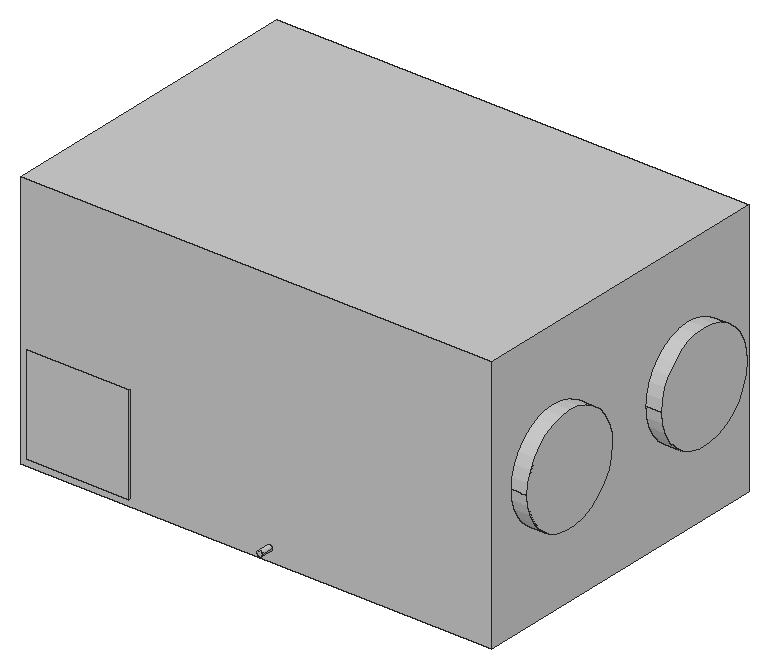
Revit family "BLAUBERG-KOMFORT_EC_DBE_2000", category Mechanical Equipment, Revit 2019
Family settings
  Round Connector Dimension = Use Diameter
  Classification = None
  Part Type = Normal
  OmniClass Number = 23.75.35.14
  OmniClass Title = Air Handling Units
  Work Plane-Based = No
  Always vertical = Yes
  Cut with Voids When Loaded = No
  Shared = No
  Room Calculation Point = No
Parameters (values of type "KOMFORT EC DBE 2000 S21")
  Weight = 140.00 kg
  Plastic Material = Polypropylene Black
  LDrainCon1 = 661 mm
  Heater power = 15000 W
  Maximum Unit Power Without Electric Heater = 876 W
  Maximum Unit Current Without Electric Heater = 5.3 A
  Maximum Unit Current With Electric Heater = 27 A
  Heat Exchanger Material = "aluminium"
  LDuctCon = 50 mm  # constant formula
  HandleL2 = 450 mm
  HandleL1 = 250 mm
  HandleB = 100 mm
  HDrainCon = 36 mm
  H = 762 mm
  DrainPipe = yes
  DrainD = if(Drain Connection Diameter = 0 mm, 1 mm, Drain Connection Diameter)  # 16 mm
  Drain Flow [instance] = 0.0 L/s
  Drain Connection Diameter = 16 mm
  LDrainCon = 35 mm
  DPS_H = 93 mm
  DPS_B2 = 292 mm
  DPS_B1 = 302 mm
  Bottom Maintenance Zone Height = 600 mm
  B2 = 225 mm
  Air Flow Factor [instance] = 1  # constant formula
  B1 = 225 mm
  Air Flow Exhaust [instance] = 0 m³/h
  L = 1400 mm
  Voltage = 400 V
  URL = "https://blaubergventilatoren.de/en/product/komfort-ec-dbe-2000-s21"
  Type Comments = "Air Handling Unit KOMFORT EC DBE 2000 S21"
  Transported Air Temperature (°C) = "-25…+40"
  Supply Air Filter = "G4"
  Sound Pressure Level at 3 m (dBA) = 36
  SEC Class = "NRVU"
  RPM (min-1) = 2920
  Power Factor = 1
  Power = Maximum Unit Power Without Electric Heater + Heater power  # 15876 W
  Number of Poles = 3
  Model = "KOMFORT EC DBE 2000 S21"
  Maximum Air Flow = 2100 m³/h
  Manufacturer = "Blauberg"
  Maintenance Zone Material = Maintenance Zone
  Side Maintenance Zone Height = 500 mm
  Maintenance Zone [instance] = no
  Load Classification = HVAC
  B = 950 mm
  Heat recovery efficiency (%) = "50..67"
  Heat Exchanger Type = "cross-flow"
  H1 = 367 mm
  Family Version = "1.0"  # constant formula
  Extract Air Filter = "G4"
  Duct Connection Diameter = 315 mm
  Description = "Air Handling Unit"
  D = Duct Connection Diameter  # 315 mm
  Current = Maximum Unit Current With Electric Heater  # 27 A
  Copyright = "©Blauberg"
  Casing Material = Metal Zinc
  Apparent Power [instance] = Power / Power Factor  # 15876 VA
  Air Flow Supply [instance] = 0 m³/h
Reference planes
  plane 1 "Center (Front/Back)": y = 0
  plane 2: z = 0
  plane 3 "Center (Left/Right)": x = 0
  plane 4 "Back": y = 475
  plane 5 "Front": y = -475
  plane 6 "L": x = -700
  plane 7 "R": x = 700
  plane 8 "DuctConB2": y = 250
  plane 9 "DuctConB1": y = -250
  plane 10: x = -750
  plane 11: x = 750
  plane 12 "Top": z = 367
  plane 13 "Bottom": z = -395
  plane 14 "DrainConH": z = -359
  plane 15 "DrainConL2": x = 39
  plane 16 "S": y = -510
  plane 17 "DPS_H": z = -302
  plane 18: y = 510
  plane 19 "DPSB1": y = 173
  plane 20 "DPSB2": y = -183
  plane 21: x = -680
  plane 22: x = -375
  plane 23: z = -375
  plane 24: z = -85
  plane 25 "HandleL1": x = -450
  plane 26 "HandleL2": x = 250
  plane 27 "HandleB": y = -375
Forms (mm)
  Extrusion 1, solid, material "Metal Zinc" <- "Casing Material", detail levels medium+fine
    sketch origin (0, 0, 0) x (1, 0, 0) y (0, 1, 0)
      loop
        line (-700, 475) -> (-700, -475) -> (700, -475) -> (700, 475) -> (-700, 475)
    from -395 to 367
  Extrusion 2, solid, material "Metal Zinc" <- "Casing Material", detail levels medium+fine
    sketch origin (-700, 0, 0) x (0, 1, 0) y (0, 0, 1)
      loop
        circle (250, 0) r 157.5
      loop
        circle (-250, 0) r 157.5
    from 0 to -50
  Extrusion 3, solid, material "Metal Zinc" <- "Casing Material", detail levels medium+fine
    sketch origin (700, 0, 0) x (0, 1, 0) y (0, 0, 1)
      loop
        circle (250, 0) r 157.5
      loop
        circle (-250, 0) r 157.5
    from 0 to 50
  Extrusion 4, solid, material "Metal Zinc" <- "Casing Material", visible <- "DrainPipe", detail levels medium+fine
    sketch origin (0, -475, 0) x (-1, 0, 0) y (0, 0, 1)
      loop
        circle (-39, -359) r 8
    from 0 to -35
  Extrusion 5, solid, material "Metal Zinc" <- "Casing Material", visible <- "DrainPipe", detail levels medium+fine
    sketch origin (0, 475, 0) x (-1, 0, 0) y (0, 0, 1)
      loop
        circle (-39, -359) r 8
    from 0 to 35
  Extrusion 6, solid, material "Metal Zinc" <- "Casing Material", detail levels medium+fine
    sketch origin (0, -475, 0) x (-1, 0, 0) y (0, 0, 1)
      loop
        line (680, -85) -> (375, -85) -> (375, -375) -> (680, -375) -> (680, -85)
    from 0 to -2
  Extrusion 7, solid, material "Metal Zinc" <- "Casing Material", detail levels medium+fine
    sketch origin (-700, 0, 0) x (0, 1, 0) y (0, 0, 1)
      loop
        circle (-430, -305) r 10
    from 0 to -2
Lines and regions (mm)
  model lines, detail levels coarse
    curve 1: line (-700, 475, 0) -> (700, 475, 0)
    curve 2: line (-700, -475, 0) -> (-700, 475, 0)
    curve 3: line (700, -475, 0) -> (-700, -475, 0)
    curve 4: line (700, 475, 0) -> (700, -475, 0)
    curve 5: line (-700, 250, 0) -> (-750, 250, 0)
    curve 6: line (-700, -250, 0) -> (-750, -250, 0)
    curve 7: line (700, -250, 0) -> (750, -250, 0)
    curve 8: line (700, 250, 0) -> (750, 250, 0)
Dimensions and locks
  equal spacing: plane 6 "L", plane 3 "Center (Left/Right)", plane 7 "R"
  "L": plane 6 "L" to plane 7 "R"
  equal spacing: plane 4 "Back", plane 1 "Center (Front/Back)", plane 5 "Front"
  "B": plane 4 "Back" to plane 5 "Front"
  "B1": plane 4 "Back" to plane 8 "DuctConB2"
  "B2": plane 9 "DuctConB1" to plane 5 "Front"
  "LDuctCon": plane 10 to plane 6 "L"
  "LDuctCon": plane 7 "R" to plane 11
  "H1": plane 12 "Top" to level
  "H": plane 12 "Top" to plane 13 "Bottom"
  "HDrainCon": plane 14 "DrainConH" to plane 13 "Bottom"
  "LDrainCon1": plane 15 "DrainConL2" to plane 7 "R"
  "LDrainCon": plane 5 "Front" to plane 16 "S"
  "LDrainCon": plane 18 to plane 4 "Back"
  locked: plane 21 to plane 6 "L" at 20
  locked: plane 23 to plane 13 "Bottom" at 20
  locked: plane 22 to plane 21 at 305
  locked: plane 24 to plane 23 at 290
  locked: Extrusion 7 sketch curve to plane 13 "Bottom" at 90
  locked: Extrusion 7 sketch curve to plane 5 "Front" at 45
  "HandleL1": plane 6 "L" to plane 25 "HandleL1"
  "HandleL2": plane 26 "HandleL2" to plane 7 "R"
  "HandleB": plane 27 "HandleB" to plane 5 "Front"
  "DPS_B1": plane 4 "Back" to plane 19 "DPSB1"
  "DPS_B2": plane 20 "DPSB2" to plane 5 "Front"
  "DPS_H": plane 17 "DPS_H" to plane 13 "Bottom"
  "D": diameter of Extrusion 2 sketch curve  (x2)
  "D": diameter of Extrusion 3 sketch curve  (x2)
  "DrainD": diameter of Extrusion 4 sketch curve
  "DrainD": diameter of Extrusion 5 sketch curve
  aligned and locked: level to plane 2
  aligned and locked: Extrusion 1 sketch curve to plane 4 "Back"
  aligned and locked: plane 6 "L" to Extrusion 1 sketch curve
  aligned and locked: plane 5 "Front" to Extrusion 1 sketch curve
  aligned and locked: Extrusion 1 sketch curve to plane 7 "R"
  aligned and locked: plane 12 "Top" to Extrusion 1
  aligned and locked: Extrusion 1 to plane 13 "Bottom"
  aligned and locked: plane 11 to Extrusion 3
  aligned and locked: Extrusion 2 to plane 10
  aligned and locked: Extrusion 4 to plane 16 "S"
  aligned and locked: curve 3 to Extrusion 1
  aligned and locked: curve 4 to Extrusion 1
  aligned and locked: plane 10 to curve 5
  aligned and locked: plane 6 "L" to curve 5
  aligned and locked: plane 8 "DuctConB2" to curve 5
  aligned and locked: plane 10 to curve 6
  aligned and locked: plane 6 "L" to curve 6
  aligned and locked: plane 9 "DuctConB1" to curve 6
  aligned and locked: plane 11 to curve 7
  aligned and locked: plane 7 "R" to curve 7
  aligned and locked: curve 7 to plane 9 "DuctConB1"
  aligned and locked: plane 11 to curve 8
  aligned and locked: curve 8 to plane 8 "DuctConB2"
  aligned and locked: plane 18 to Extrusion 5
  aligned and locked: Extrusion 6 sketch curve to plane 24
  aligned and locked: Extrusion 6 sketch curve to plane 21
  aligned and locked: Extrusion 6 sketch curve to plane 22
  aligned and locked: plane 23 to Extrusion 6 sketch curve
  aligned and locked: plane 3 "Center (Left/Right)" to nested 1
  aligned and locked: nested 1 to plane 5 "Front"
  aligned and locked: plane 13 "Bottom" to nested 1
  aligned and locked: plane 3 "Center (Left/Right)" to nested 2
  aligned and locked: nested 2 to plane 13 "Bottom"
  aligned and locked: nested 2 to plane 4 "Back"
  aligned and locked: plane 25 "HandleL1" to nested 3
  aligned and locked: nested 3 to plane 27 "HandleB"
  aligned and locked: nested 4 to plane 27 "HandleB"
  aligned and locked: plane 26 "HandleL2" to nested 4
  aligned and locked: plane 19 "DPSB1" to nested 5
  aligned and locked: plane 20 "DPSB2" to nested 6
  aligned and locked: plane 17 "DPS_H" to nested 5
  aligned and locked: plane 17 "DPS_H" to nested 6
Automatic sketch dimensions
  curve 2 to plane 4 "Back" = 0 mm
  Extrusion 2 sketch curve to level = 0 mm  (x2)
  Extrusion 2 sketch curve to plane 9 "DuctConB1" = 0 mm
  Extrusion 2 sketch curve to plane 8 "DuctConB2" = 0 mm
  Extrusion 3 sketch curve to level = 0 mm  (x2)
  Extrusion 3 sketch curve to plane 9 "DuctConB1" = 0 mm
  Extrusion 3 sketch curve to plane 8 "DuctConB2" = 0 mm
  Extrusion 4 sketch curve to plane 14 "DrainConH" = 0 mm
  Extrusion 4 sketch curve to plane 15 "DrainConL2" = 0 mm
  Extrusion 5 sketch curve to plane 14 "DrainConH" = 0 mm
  Extrusion 5 sketch curve to plane 15 "DrainConL2" = 0 mm
  radius of Extrusion 7 sketch curve = 10 mm
Nested families
  nested 1: "MaintenanceZone_Rect" at (0, -725, 367), visible <- "Maintenance Zone", type "Side", detail levels medium+fine
    with Maintenance Zone Length 1400 mm, Maintenance Zone Height 762 mm
  nested 2: "MaintenanceZone_Rect" at (0, -475, -695) x (1, 0, 0) z (0, -1, 0), visible <- "Maintenance Zone", type "Bottom", detail levels medium+fine
    with Maintenance Zone Width 600 mm, Maintenance Zone Length 1400 mm, Maintenance Zone Height 950 mm
  nested 3: "Handle" at (-450, -375, -395) x (1, 0, 0) z (0, 0, -1), type "Handle", detail levels medium+fine
  nested 4: "Handle" at (250, -375, -395) x (1, 0, 0) z (0, 0, -1), type "Handle", detail levels medium+fine
  nested 5: "DPS" at (-700, 173, -302) x (0, 0, 1) z (-1, 0, 0), type "DPS", detail levels medium+fine
  nested 6: "DPS" at (-700, -183, -302) x (0, 0, 1) z (-1, 0, 0), type "DPS", detail levels medium+fine
Connectors
  hvac at (750, -250, 0), driven by "Duct Connection Diameter", driven by "Air Flow Supply"
    settings: on Extrusion 3, index 2, duct flow 0 m³/h, flow factor 0, pres drop 0.0 Pa, loss coef 0, conn angle 0.00°, conn width 304.8 mm, conn height 304.8 mm, conn diameter 315 mm, duct sys type 1, conn prof type 0, flow config 0, flow direction 2, loss method 0, conn ref index -1, conn util no, is conn primary yes, conn desc "Supply Air"
  hvac at (750, 250, 0), driven by "Duct Connection Diameter", driven by "Air Flow Exhaust"
    settings: on Extrusion 3, index 3, duct flow 0 m³/h, flow factor 0, pres drop 0.0 Pa, loss coef 0, conn angle 0.00°, conn width 304.8 mm, conn height 304.8 mm, conn diameter 315 mm, duct sys type 3, conn prof type 0, flow config 0, flow direction 1, loss method 0, conn ref index -1, conn util no, is conn primary no, conn desc "Extract Air"
  hvac at (-750, 250, 0), driven by "Duct Connection Diameter", driven by "Air Flow Supply"
    settings: on Extrusion 2, index 4, duct flow 0 m³/h, flow factor 0, pres drop 0.0 Pa, loss coef 0, conn angle 0.00°, conn width 304.8 mm, conn height 304.8 mm, conn diameter 315 mm, duct sys type 1, conn prof type 0, flow config 1, flow direction 1, loss method 0, conn ref index -1, conn util no, is conn primary no, conn desc "Intake Air"
  hvac at (-750, -250, 0), driven by "Duct Connection Diameter", driven by "Air Flow Exhaust"
    settings: on Extrusion 2, index 5, duct flow 0 m³/h, flow factor 0, pres drop 0.0 Pa, loss coef 0, conn angle 0.00°, conn width 304.8 mm, conn height 304.8 mm, conn diameter 315 mm, duct sys type 3, conn prof type 0, flow config 1, flow direction 2, loss method 0, conn ref index -1, conn util no, is conn primary no, conn desc "Exhaust Air"
  piping at (39, -510, -359), diameter 16, driven by "Drain Connection Diameter", driven by "Drain Flow"
    settings: on Extrusion 4, index 7, connector inside diameter 609.6 mm, connector length 0 mm, flow factor 0, pipe flow 0.0 L/s, pressure drop 0.0 Pa, fitting loss kfactor 0, connector angle 0.00°, fixture units 0, engagement length 0 mm, angle of deflection 0.00°, flow configuration 1, flow direction 2, fitting loss method 0, system type 16, joint type 0, gender type 0, connector reference index -1, connector utility 0, adjustable connector no, is connector primary yes, connector description ""
  piping at (39, 510, -359), diameter 16, driven by "Drain Connection Diameter", driven by "Drain Flow"
    settings: on Extrusion 5, index 8, connector inside diameter 609.6 mm, connector length 0 mm, flow factor 0, pipe flow 0.0 L/s, pressure drop 0.0 Pa, fitting loss kfactor 0, connector angle 0.00°, fixture units 0, engagement length 0 mm, angle of deflection 0.00°, flow configuration 1, flow direction 2, fitting loss method 0, system type 16, joint type 0, gender type 0, connector reference index -1, connector utility 0, adjustable connector no, is connector primary no, connector description ""
  electrical at (-702, -430, -305), driven by "Number of Poles", driven by "Load Classification", driven by "Voltage", driven by "Apparent Power", driven by "Power Factor"
    settings: on Extrusion 7, index 9, voltage 400 V, apparent load 15876 VA, apparent load phase1 0 VA, apparent load phase2 0 VA, apparent load phase3 0 VA, power factor 1, load classification "HVAC", number of poles 3, system type 30, power factor state 1, is connector primary yes, connector utility no, sub classification motor no, connector description ""
Definition of nested family "MaintenanceZone_Rect"
  Parameters (values of type "MaintenanceZone_Rect")
    Maintenance Zone Width = 500 mm
    Material = none
    Maintenance Zone Length = 1000 mm
    Maintenance Zone Height = 300 mm
    Family Version = ""
    Default Elevation = 1219.2 mm
    Copyright = ""
  Reference planes
    plane 1 "Center (Front/Back)": y = 0
    plane 2: z = 0
    plane 3 "Center (Left/Right)": x = 0
    plane 4: x = -500
    plane 5: x = 500
    plane 6: y = 250
    plane 7: y = -250
    plane 8: z = -300
  Forms (mm)
    Extrusion 1, solid, material <- "Material", detail levels medium+fine
      sketch origin (0, 0, 0) x (1, 0, 0) y (0, 1, 0)
        loop
          line (-500, 250) -> (-500, -250) -> (500, -250) -> (500, 250) -> (-500, 250)
      from 0 to -300
  Lines and regions (mm)
    symbolic lines, detail levels medium+fine
      curve 1: line (-500, 0, 0) -> (500, 0, 0)
      curve 2: line (-500, 0, -300) -> (-500, 0, 0)
      curve 3: line (500, 0, -300) -> (-500, 0, -300)
      curve 4: line (500, 0, 0) -> (500, 0, -300)
      curve 5: line (0, 250, 0) -> (0, -250, 0)
      curve 6: line (0, 250, -300) -> (0, 250, 0)
      curve 7: line (0, -250, -300) -> (0, 250, -300)
      curve 8: line (0, -250, 0) -> (0, -250, -300)
      curve 9: line (-500, 250, 0) -> (500, 250, 0)
      curve 10: line (-500, -250, 0) -> (-500, 250, 0)
      curve 11: line (500, -250, 0) -> (-500, -250, 0)
      curve 12: line (500, 250, 0) -> (500, -250, 0)
  Dimensions and locks
    equal spacing: plane 6, plane 1 "Center (Front/Back)", plane 7
    equal spacing: plane 4, plane 3 "Center (Left/Right)", plane 5
    "Maintenance Zone Width": plane 6 to plane 7
    "Maintenance Zone Length": plane 4 to plane 5
    "Maintenance Zone Height": plane 2 to plane 8
    aligned and locked: level to plane 2
    aligned and locked: Extrusion 1 sketch curve to plane 6
    aligned and locked: plane 4 to Extrusion 1 sketch curve
    aligned and locked: plane 7 to Extrusion 1 sketch curve
    aligned and locked: Extrusion 1 sketch curve to plane 5
    aligned and locked: Extrusion 1 to plane 8
    aligned and locked: curve 1 to Extrusion 1
    aligned and locked: curve 2 to Extrusion 1
    aligned and locked: curve 3 to Extrusion 1
    aligned and locked: curve 4 to Extrusion 1
    aligned and locked: curve 5 to Extrusion 1
    aligned and locked: curve 6 to Extrusion 1
    aligned and locked: curve 7 to Extrusion 1
    aligned and locked: curve 8 to Extrusion 1
    aligned and locked: curve 9 to Extrusion 1
    aligned and locked: curve 10 to Extrusion 1
    aligned and locked: curve 11 to Extrusion 1
    aligned and locked: curve 12 to Extrusion 1
Definition of nested family "Handle"
  Parameters (values of type "Handle")
    W = 24 mm
    Material = none
    L1 = 98 mm
    L = 145 mm
    H = 40 mm
    Default Elevation = 1219.2 mm
  Reference planes
    plane 1 "Center (Front/Back)": y = 0
    plane 2: z = 0
    plane 3 "Center (Left/Right)": x = 0
    plane 4: x = -72.5
    plane 5: x = 72.5
    plane 6: y = 12
    plane 7 "bottom": y = -12
    plane 8: x = -49
    plane 9: x = 49
    plane 10: z = 40
    plane 11: z = 26
  Forms (mm)
    Extrusion 1, solid, material <- "Material"
      sketch origin (0, 0, 0) x (1, 0, 0) y (0, 0, 1)
        loop
          line (-72.5, 0) -> (-41, 0) -> (-41, 16.533)
          arc (-41, 16.533) -> (-39.762, 20.813) -> (-36.43, 23.771) r 8.016
          arc (-36.43, 23.771) -> (0.006, 32) -> (36.44, 23.766) r 84.75
          arc (36.44, 23.766) -> (39.765, 20.814) -> (41, 16.543) r 8
          line (41, 16.543) -> (41, 0) -> (72.5, 0) -> (72.5, 7.018) -> (49, 7.018) -> (49, 21.445)
          arc (49, 21.445) -> (47.896, 25.489) -> (44.892, 28.412) r 7.962
          arc (44.892, 28.412) -> (0.015, 40) -> (-44.865, 28.427) r 92.75
          arc (-44.865, 28.427) -> (-47.889, 25.486) -> (-49, 21.417) r 8.01
          line (-49, 21.417) -> (-49, 7.018) -> (-72.5, 7.018) -> (-72.5, 0)
      from -12 to 12
  Dimensions and locks
    equal spacing: plane 5, plane 3 "Center (Left/Right)", plane 4
    "L": plane 5 to plane 4
    equal spacing: plane 9, plane 3 "Center (Left/Right)", plane 8
    "L1": plane 9 to plane 8
    "H": plane 10 to level
    plane 11 to level = 26 mm
    "W": plane 6 to plane 7 "bottom"
    equal spacing: plane 6, plane 1 "Center (Front/Back)", plane 7 "bottom"
    aligned and locked: level to plane 2
    aligned and locked: plane 6 to Extrusion 1
    aligned and locked: Extrusion 1 to plane 7 "bottom"
  Automatic sketch dimensions
    Extrusion 1 sketch curve to Extrusion 1 sketch curve = 0 mm  (x4)
    Extrusion 1 sketch curve to level = 0 mm  (x2)
    Extrusion 1 sketch curve to plane 4 = 0 mm
    Extrusion 1 sketch curve to plane 8 = 0 mm
    Extrusion 1 sketch curve to plane 3 "Center (Left/Right)" = 0 mm
    Extrusion 1 sketch curve to plane 9 = 0 mm
    Extrusion 1 sketch curve to plane 5 = 0 mm
    plane 8 to Extrusion 1 sketch curve = 8 mm
    Extrusion 1 sketch curve to Extrusion 1 sketch curve = 0.01 mm
    Extrusion 1 sketch curve to Extrusion 1 sketch curve = 8.016 mm
    Extrusion 1 sketch curve to plane 9 = 16 mm
    Extrusion 1 sketch curve to plane 9 = 8 mm
    Extrusion 1 sketch curve to Extrusion 1 sketch curve = 0.038 mm
    Extrusion 1 sketch curve to level = 52.75 mm
    level to Extrusion 1 sketch curve = 7.018 mm  (x2)
    Extrusion 1 sketch curve to plane 11 = 9.467 mm
    Extrusion 1 sketch curve to plane 11 = 9.457 mm
    Extrusion 1 sketch curve to plane 11 = 4.583 mm
    Extrusion 1 sketch curve to plane 11 = 4.555 mm
Definition of nested family "DPS"
  Parameters (values of type "DPS")
    W1 = 65 mm
    Thikness = 2 mm
    Material = none
    H1 = 47 mm
    Default Elevation = 1219.2 mm
  Reference planes
    plane 1 "Center (Front/Back)": y = 0
    plane 2: z = 0
    plane 3 "Center (Left/Right)": x = 0
    plane 4: z = 47
    plane 5: z = 51.5
    plane 6: z = 75.5
    plane 7: z = 78
    plane 8: z = 92
    plane 9: z = 86
    plane 10: x = -32.5
    plane 11: x = 32.5
    plane 12 "1": y = 50
    plane 13: y = 48
    plane 14: z = 45
    plane 15 "2": y = -22
    plane 16: z = 64
  Forms (mm)
    Revolve 1, solid, material <- "Material"
      sketch origin (0, 0, 0) x (1, 0, 0) y (0, 0, 1)
        loop
          line (-40.5, 47) -> (0, 47) -> (0, 92) -> (-31, 92) -> (-35, 86) -> (-35, 78) -> (-37.309, 78) -> (-37.309, 75.5) -> (-36, 75.5) -> (-36, 51.5) -> (-40.5, 51.5) -> (-40.5, 47)
        axis (0, 92) -> (0, 47)
      angle from 0 to 360
    Extrusion 2, solid, material <- "Material"
      sketch origin (0, 0, 0) x (0, 1, 0) y (0, 0, 1)
        loop
          line (50, 0) -> (50, 47) -> (0, 47) -> (0, 45) -> (48, 45) -> (48, 0) -> (50, 0)
      from -32.5 to 32.5
    Extrusion 3, solid, material <- "Material"
      sketch origin (0, 0, 0) x (0, 1, 0) y (0, 0, 1)
        loop
          circle (-22, 64) r 10
      from 0 to 50
  Cuts and joins
    joined: Revolve 1, Extrusion 3
  Dimensions and locks
    locked: plane 5 to plane 4 at 4.5
    locked: plane 6 to plane 5 at 24
    locked: plane 7 to plane 6 at 2.5
    locked: plane 8 to plane 9 at 6
    locked: plane 9 to plane 7 at 8
    "H1": plane 4 to level
    equal spacing: plane 11, plane 3 "Center (Left/Right)", plane 10
    "W1": plane 11 to plane 10
    "Thikness": plane 4 to plane 14
    "Thikness": plane 12 "1" to plane 13
    locked: plane 1 "Center (Front/Back)" to plane 12 "1" at 50
    locked: plane 15 "2" to plane 1 "Center (Front/Back)" at 22
    plane 16 to plane 4 = 17 mm
    aligned and locked: level to plane 2
    aligned and locked: Revolve 1 sketch curve to plane 3 "Center (Left/Right)"  (x2)
    aligned and locked: plane 6 to Revolve 1 sketch curve
    aligned and locked: plane 7 to Revolve 1 sketch curve
    aligned and locked: plane 5 to Revolve 1 sketch curve
    aligned and locked: plane 8 to Revolve 1 sketch curve
    aligned and locked: Extrusion 2 sketch curve to plane 13
    aligned and locked: plane 14 to Extrusion 2 sketch curve
    aligned and locked: Extrusion 2 sketch curve to plane 1 "Center (Front/Back)"
    aligned and locked: Extrusion 2 to plane 10
    aligned and locked: plane 11 to Extrusion 2
  Automatic sketch dimensions
    Revolve 1 sketch curve to plane 4 = 0 mm
    Revolve 1 sketch curve to plane 9 = 0 mm
    Revolve 1 sketch curve to plane 3 "Center (Left/Right)" = 31 mm
    Revolve 1 sketch curve to Revolve 1 sketch curve = 4 mm
    Revolve 1 sketch curve to Revolve 1 sketch curve = 1 mm
    Revolve 1 sketch curve to Revolve 1 sketch curve = 1.309 mm
    Revolve 1 sketch curve to Revolve 1 sketch curve = 4.5 mm
    Revolve 1 sketch curve to Revolve 1 sketch curve = 27.818 mm
    Revolve 1 sketch curve to Revolve 1 sketch curve = 2.182 mm
    Extrusion 2 sketch curve to level = 0 mm
    Extrusion 2 sketch curve to plane 12 "1" = 0 mm
    Extrusion 2 sketch curve to plane 4 = 0 mm
    Extrusion 3 sketch curve to plane 15 "2" = 0 mm
    Extrusion 3 sketch curve to plane 16 = 0 mm
    radius of Extrusion 3 sketch curve = 10 mm
